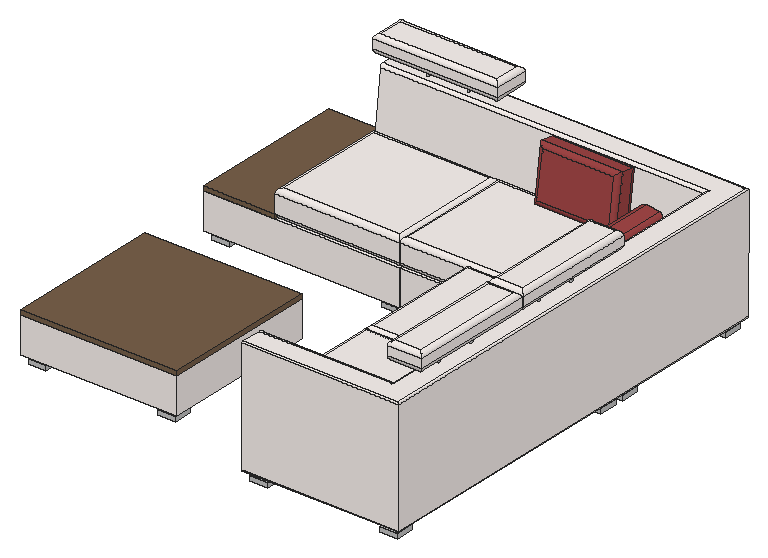
Revit family
Parameters
  frame trim = frame trim
  fabric = fabric
  Frame = frame
  FABRIC 2 = fabric 2
Reference planes (in)
  plane 1 "Center (Front/Back)": y = 0
  plane 2: z = 0
  plane 3 "Center (Left/Right)": x = 0
Forms (in)
  Extrusion 1, solid, material "frame trim"
    sketch origin (18.723354, 88.3159374, 0) x (1, 0, 0) y (0, 1, 0)
      loop
        line (-61.7915602, -42.4618781) -> (-57.7915602, -42.4618781) -> (-57.7915602, -38.4618781) -> (-61.7915602, -38.4618781) -> (-61.7915602, -42.4618781)
    from 0 to 1
  Extrusion 2, solid, material "frame trim"
    sketch origin (18.723354, 88.3159374, 0) x (1, 0, 0) y (0, 1, 0)
      loop
        line (-60.7915602, -41.4618781) -> (-58.7915602, -41.4618781) -> (-58.7915602, -39.4618781) -> (-60.7915602, -39.4618781) -> (-60.7915602, -41.4618781)
    from 1 to 2
  Extrusion 3, solid, material "frame trim"
    sketch origin (18.723354, 59.3159374, 0) x (1, 0, 0) y (0, 1, 0)
      loop
        line (-61.7915602, -42.4618781) -> (-57.7915602, -42.4618781) -> (-57.7915602, -38.4618781) -> (-61.7915602, -38.4618781) -> (-61.7915602, -42.4618781)
    from 0 to 1
  Extrusion 4, solid, material "frame trim"
    sketch origin (18.723354, 59.3159374, 0) x (1, 0, 0) y (0, 1, 0)
      loop
        line (-60.7915602, -41.4618781) -> (-58.7915602, -41.4618781) -> (-58.7915602, -39.4618781) -> (-60.7915602, -39.4618781) -> (-60.7915602, -41.4618781)
    from 1 to 2
  Extrusion 5, solid, material "frame trim"
    sketch origin (77.723354, -3.6840626, 0) x (1, 0, 0) y (0, 1, 0)
      loop
        line (-61.7915602, -42.4618781) -> (-57.7915602, -42.4618781) -> (-57.7915602, -38.4618781) -> (-61.7915602, -38.4618781) -> (-61.7915602, -42.4618781)
    from 0 to 1
  Extrusion 6, solid, material "frame trim"
    sketch origin (77.723354, -3.6840626, 0) x (1, 0, 0) y (0, 1, 0)
      loop
        line (-60.7915602, -41.4618781) -> (-58.7915602, -41.4618781) -> (-58.7915602, -39.4618781) -> (-60.7915602, -39.4618781) -> (-60.7915602, -41.4618781)
    from 1 to 2
  Extrusion 7, solid, material "frame trim"
    sketch origin (106.723354, 88.3159374, 0) x (1, 0, 0) y (0, 1, 0)
      loop
        line (-61.7915602, -42.4618781) -> (-57.7915602, -42.4618781) -> (-57.7915602, -38.4618781) -> (-61.7915602, -38.4618781) -> (-61.7915602, -42.4618781)
    from 0 to 1
  Extrusion 8, solid, material "frame trim"
    sketch origin (106.723354, 88.3159374, 0) x (1, 0, 0) y (0, 1, 0)
      loop
        line (-60.7915602, -41.4618781) -> (-58.7915602, -41.4618781) -> (-58.7915602, -39.4618781) -> (-60.7915602, -39.4618781) -> (-60.7915602, -41.4618781)
    from 1 to 2
  Extrusion 9, solid, material "frame trim"
    sketch origin (106.723354, -3.6840626, 0) x (1, 0, 0) y (0, 1, 0)
      loop
        line (-61.7915602, -42.4618781) -> (-57.7915602, -42.4618781) -> (-57.7915602, -38.4618781) -> (-61.7915602, -38.4618781) -> (-61.7915602, -42.4618781)
    from 0 to 1
  Extrusion 10, solid, material "frame trim"
    sketch origin (106.723354, -3.6840626, 0) x (1, 0, 0) y (0, 1, 0)
      loop
        line (-60.7915602, -41.4618781) -> (-58.7915602, -41.4618781) -> (-58.7915602, -39.4618781) -> (-60.7915602, -39.4618781) -> (-60.7915602, -41.4618781)
    from 1 to 2
  Extrusion 11, solid, material "frame trim"
    sketch origin (56.723354, 88.3159374, 0) x (1, 0, 0) y (0, 1, 0)
      loop
        line (-61.7915602, -42.4618781) -> (-57.7915602, -42.4618781) -> (-57.7915602, -38.4618781) -> (-61.7915602, -38.4618781) -> (-61.7915602, -42.4618781)
    from 0 to 1
  Extrusion 12, solid, material "frame trim"
    sketch origin (56.723354, 88.3159374, 0) x (1, 0, 0) y (0, 1, 0)
      loop
        line (-60.7915602, -41.4618781) -> (-58.7915602, -41.4618781) -> (-58.7915602, -39.4618781) -> (-60.7915602, -39.4618781) -> (-60.7915602, -41.4618781)
    from 1 to 2
  Extrusion 13, solid, material "frame trim"
    sketch origin (56.723354, 59.3159374, 0) x (1, 0, 0) y (0, 1, 0)
      loop
        line (-61.7915602, -42.4618781) -> (-57.7915602, -42.4618781) -> (-57.7915602, -38.4618781) -> (-61.7915602, -38.4618781) -> (-61.7915602, -42.4618781)
    from 0 to 1
  Extrusion 14, solid, material "frame trim"
    sketch origin (56.723354, 59.3159374, 0) x (1, 0, 0) y (0, 1, 0)
      loop
        line (-60.7915602, -41.4618781) -> (-58.7915602, -41.4618781) -> (-58.7915602, -39.4618781) -> (-60.7915602, -39.4618781) -> (-60.7915602, -41.4618781)
    from 1 to 2
  Extrusion 15, solid, material "frame trim"
    sketch origin (-56.8597664, 88.3159374, 0) x (-1, 0, 0) y (0, -1, 0)
      loop
        line (-61.7915602, 42.4618781) -> (-61.7915602, 38.4618781) -> (-57.7915602, 38.4618781) -> (-57.7915602, 42.4618781) -> (-61.7915602, 42.4618781)
    from 0 to 1
  Extrusion 16, solid, material "frame trim"
    sketch origin (-56.8597664, 88.3159374, 0) x (-1, 0, 0) y (0, -1, 0)
      loop
        line (-60.7915602, 41.4618781) -> (-60.7915602, 39.4618781) -> (-58.7915602, 39.4618781) -> (-58.7915602, 41.4618781) -> (-60.7915602, 41.4618781)
    from 1 to 2
  Extrusion 17, solid, material "frame trim"
    sketch origin (-56.8597664, 59.3159374, 0) x (-1, 0, 0) y (0, -1, 0)
      loop
        line (-61.7915602, 42.4618781) -> (-61.7915602, 38.4618781) -> (-57.7915602, 38.4618781) -> (-57.7915602, 42.4618781) -> (-61.7915602, 42.4618781)
    from 0 to 1
  Extrusion 18, solid, material "frame trim"
    sketch origin (-56.8597664, 59.3159374, 0) x (-1, 0, 0) y (0, -1, 0)
      loop
        line (-60.7915602, 41.4618781) -> (-60.7915602, 39.4618781) -> (-58.7915602, 39.4618781) -> (-58.7915602, 41.4618781) -> (-60.7915602, 41.4618781)
    from 1 to 2
  Extrusion 19, solid, material "frame trim"
    sketch origin (77.723354, -27.6078187, 0) x (1, 0, 0) y (0, 1, 0)
      loop
        line (-61.7915602, 42.4618781) -> (-61.7915602, 38.4618781) -> (-57.7915602, 38.4618781) -> (-57.7915602, 42.4618781) -> (-61.7915602, 42.4618781)
    from 0 to 1
  Extrusion 20, solid, material "frame trim"
    sketch origin (77.723354, -27.6078187, 0) x (1, 0, 0) y (0, 1, 0)
      loop
        line (-60.7915602, 41.4618781) -> (-60.7915602, 39.4618781) -> (-58.7915602, 39.4618781) -> (-58.7915602, 41.4618781) -> (-60.7915602, 41.4618781)
    from 1 to 2
  Extrusion 21, solid, material "frame trim"
    sketch origin (106.723354, -27.6078187, 0) x (1, 0, 0) y (0, 1, 0)
      loop
        line (-61.7915602, 42.4618781) -> (-61.7915602, 38.4618781) -> (-57.7915602, 38.4618781) -> (-57.7915602, 42.4618781) -> (-61.7915602, 42.4618781)
    from 0 to 1
  Extrusion 22, solid, material "frame trim"
    sketch origin (106.723354, -27.6078187, 0) x (1, 0, 0) y (0, 1, 0)
      loop
        line (-60.7915602, 41.4618781) -> (-60.7915602, 39.4618781) -> (-58.7915602, 39.4618781) -> (-58.7915602, 41.4618781) -> (-60.7915602, 41.4618781)
    from 1 to 2
  Extrusion 23, solid, material "frame trim"
    sketch origin (106.723354, 59.3159374, 0) x (1, 0, 0) y (0, 1, 0)
      loop
        line (-61.7915602, -42.4618781) -> (-57.7915602, -42.4618781) -> (-57.7915602, -38.4618781) -> (-61.7915602, -38.4618781) -> (-61.7915602, -42.4618781)
    from 0 to 1
  Extrusion 24, solid, material "frame trim"
    sketch origin (106.723354, 59.3159374, 0) x (1, 0, 0) y (0, 1, 0)
      loop
        line (-60.7915602, -41.4618781) -> (-58.7915602, -41.4618781) -> (-58.7915602, -39.4618781) -> (-60.7915602, -39.4618781) -> (-60.7915602, -41.4618781)
    from 1 to 2
  Extrusion 25, solid, material "fabric"
    sketch origin (11.9760305, 90.2379972, 0) x (1, 0, 0) y (0, 1, 0)
      loop
        line (-56.0442367, -39.3839378) -> (-56.0442367, -74.3839378) -> (-12.0442367, -74.3839378) -> (-12.0442367, -47.8026288) -> (-40.0442367, -47.8026288) -> (-40.0442367, -39.3839378) -> (-56.0442367, -39.3839378)
    from 2 to 10
  Extrusion 26, solid, material "fabric"
    sketch origin (11.9760305, 90.2379972, 0) x (1, 0, 0) y (0, 1, 0)
      loop
        line (-12.0442367, -47.8026288) -> (-12.0442367, -74.3839378) -> (29.5370723, -74.3839378) -> (29.5370723, -47.8026288) -> (-12.0442367, -47.8026288)
    from 2 to 10
  Extrusion 27, solid, material "frame"
    sketch origin (11.9760305, 90.2379972, 0) x (1, 0, 0) y (0, 1, 0)
      loop
        line (-56.0442367, -39.3839378) -> (-56.0442367, -74.3839378) -> (-40.0442367, -74.3839378) -> (-40.0442367, -39.3839378) -> (-56.0442367, -39.3839378)
    from 10 to 11
  Sweep 28, solid, material "fabric"
    path in 3D
      loop
        line (-28.0682062, 50.8540594, 2) -> (49.9317938, 50.8540594, 2) -> (49.9317938, -47.1459406, 2) -> (14.9317938, -47.1459406, 2)
    profile origin (10.9317938, 50.8540594, 2) x (0, -1, 0) y (0, 0, -1)
      loop
        line (0, -0.25) -> (0, -25.75)
        arc (0, -25.75) -> (0.0732233, -25.9267767) -> (0.25, -26) r 0.25
        line (0.25, -26) -> (4.8072193, -26)
        arc (4.8072193, -26) -> (5.2817628, -25.8307826) -> (5.5421703, -25.3994891) r 0.75
        arc (5.5421703, -25.3994891) -> (7.5310594, -12.7631686) -> (8.3876813, 0) r 143.6189165
        line (8.3876813, 0) -> (0.25, 0)
        arc (0.25, 0) -> (0.0732233, -0.0732233) -> (0, -0.25) r 0.25
  Extrusion 29, solid, material "fabric"
    sketch origin (11.9760305, 90.2379972, 0) x (1, 0, 0) y (0, 1, 0)
      loop
        line (2.9557633, -128.9652469) -> (29.5370723, -128.9652469) -> (29.5370723, -74.3839378) -> (2.9557633, -74.3839378) -> (2.9557633, -128.9652469)
    from 2 to 10
  Extrusion 30, solid, material "fabric"
    sketch origin (11.9760305, 90.2379972, 0) x (1, 0, 0) y (0, 1, 0)
      loop
        line (-40.0442367, -46.9984305) -> (-40.0442367, -74.3839378) -> (-12.0442367, -74.3839378) -> (-12.0442367, -46.9984305) -> (-40.0442367, -46.9984305)
    from 10 to 16
  Extrusion 31, solid, material "fabric"
    sketch origin (11.9760305, 90.2379972, 0) x (1, 0, 0) y (0, 1, 0)
      loop
        line (-12.0442367, -46.9984305) -> (-12.0442367, -74.3839378) -> (30.3412707, -74.3839378) -> (30.3412707, -46.9984305) -> (-12.0442367, -46.9984305)
    from 10 to 16
  Extrusion 32, solid, material "fabric"
    sketch origin (89.3157316, -24.1901773, 0) x (0, -1, 0) y (1, 0, 0)
      loop
        line (-40.0442367, -46.9984305) -> (-40.0442367, -74.3839378) -> (-11.5442367, -74.3839378) -> (-11.5442367, -46.9984305) -> (-40.0442367, -46.9984305)
    from 10 to 16
  Extrusion 33, solid, material "fabric"
    sketch origin (89.3157316, -53.1901773, 0) x (0, -1, 0) y (1, 0, 0)
      loop
        line (-40.5442367, -46.9984305) -> (-40.5442367, -74.3839378) -> (-13.7255714, -74.3839378) -> (-13.7255714, -46.9984305) -> (-40.5442367, -46.9984305)
    from 10 to 16
  Sweep 34, void
    path in 3D
      loop
        line (-28.0682062, 15.8540594, 16) -> (-0.0682062, 15.8540594, 16) -> (-0.0682062, 43.2395668, 16) -> (-28.0682062, 43.2395668, 16) -> (-28.0682062, 15.8540594, 16)
    profile origin (-28.0682062, 29.5468131, 16) x (1, 0, 0) y (0, 0, 1)
      loop
        line (0, 0) -> (0, -1)
        arc (0, -1) -> (0.2928932, -0.2928932) -> (1, 0) r 1
        line (1, 0) -> (0, 0)
      loop
        line (0, -6) -> (1, -6)
        arc (1, -6) -> (0.2928932, -5.7071068) -> (0, -5) r 1
        line (0, -5) -> (0, -6)
  Sweep 35, void
    path in 3D
      loop
        line (-0.0682062, 15.8540594, 16) -> (42.3173012, 15.8540594, 16) -> (42.3173012, 43.2395668, 16) -> (-0.0682062, 43.2395668, 16) -> (-0.0682062, 15.8540594, 16)
    profile origin (-0.0682062, 29.5468131, 16) x (1, 0, 0) y (0, 0, 1)
      loop
        line (0, 0) -> (0, -1)
        arc (0, -1) -> (0.2928932, -0.2928932) -> (1, 0) r 1
        line (1, 0) -> (0, 0)
      loop
        line (0, -6) -> (1, -6)
        arc (1, -6) -> (0.2928932, -5.7071068) -> (0, -5) r 1
        line (0, -5) -> (0, -6)
  Sweep 36, void
    path in 3D
      loop
        line (14.9317938, 15.8540594, 16) -> (14.9317938, -12.6459406, 16) -> (42.3173012, -12.6459406, 16) -> (42.3173012, 15.8540594, 16) -> (14.9317938, 15.8540594, 16)
    profile origin (28.6245475, 15.8540594, 16) x (0, -1, 0) y (0, 0, 1)
      loop
        line (0, 0) -> (0, -1)
        arc (0, -1) -> (0.2928932, -0.2928932) -> (1, 0) r 1
        line (1, 0) -> (0, 0)
      loop
        line (0, -6) -> (1, -6)
        arc (1, -6) -> (0.2928932, -5.7071068) -> (0, -5) r 1
        line (0, -5) -> (0, -6)
  Sweep 37, void
    path in 3D
      loop
        line (14.9317938, -12.6459406, 16) -> (14.9317938, -39.4646059, 16) -> (42.3173012, -39.4646059, 16) -> (42.3173012, -12.6459406, 16) -> (14.9317938, -12.6459406, 16)
    profile origin (28.6245475, -12.6459406, 16) x (0, -1, 0) y (0, 0, 1)
      loop
        line (0, 0) -> (0, -1)
        arc (0, -1) -> (0.2928932, -0.2928932) -> (1, 0) r 1
        line (1, 0) -> (0, 0)
      loop
        line (0, -6) -> (1, -6)
        arc (1, -6) -> (0.2928932, -5.7071068) -> (0, -5) r 1
        line (0, -5) -> (0, -6)
  Extrusion 38, solid, material "frame trim"
    sketch origin (-16.6755128, 5.9774721, 28) x (1, 0, 0) y (0, 1, 0)
      loop
        circle (-2.3357435, 41.53372) r 0.25
      loop
        circle (6.6642565, 41.53372) r 0.25
      loop
        circle (62.8820281, -0.1490646) r 0.25
      loop
        circle (62.8820281, -9.1490646) r 0.25
      loop
        circle (62.8820281, -28.1490646) r 0.25
      loop
        circle (62.8820281, -37.1490646) r 0.25
    from 0 to 3
  Extrusion 39, solid, material "fabric"
    sketch origin (0, 0, 0) x (1, 0, 0) y (0, 1, 0)
      loop
        line (-28.0682062, 50.8540594) -> (-28.0682062, 43.2395668) -> (-0.0682062, 43.2395668) -> (-0.0682062, 50.8540594) -> (-28.0682062, 50.8540594)
    from 31 to 35
  Extrusion 40, solid, material "fabric"
    sketch origin (-0.9222656, -12.2141468, 0) x (0, -1, 0) y (1, 0, 0)
      loop
        line (-28.0682062, 50.8540594) -> (-28.0682062, 43.2395668) -> (-0.0682062, 43.2395668) -> (-0.0682062, 50.8540594) -> (-28.0682062, 50.8540594)
    from 31 to 35
  Extrusion 41, solid, material "fabric"
    sketch origin (-0.9222656, -40.7141468, 0) x (0, -1, 0) y (1, 0, 0)
      loop
        line (-28.0682062, 50.8540594) -> (-28.0682062, 43.2395668) -> (-0.0682062, 43.2395668) -> (-0.0682062, 50.8540594) -> (-28.0682062, 50.8540594)
    from 31 to 35
  Sweep 42, void
    path in 3D
      loop
        line (-28.0682062, 43.2395668, 35) -> (-0.0682062, 43.2395668, 35) -> (-0.0682062, 50.8540594, 35) -> (-28.0682062, 50.8540594, 35) -> (-28.0682062, 43.2395668, 35)
    profile origin (-28.0682062, 47.0468131, 35) x (1, 0, 0) y (0, 0, 1)
      loop
        line (0, 0) -> (0, -1)
        arc (0, -1) -> (0.2928932, -0.2928932) -> (1, 0) r 1
        line (1, 0) -> (0, 0)
      loop
        line (0, -4) -> (1, -4)
        arc (1, -4) -> (0.2928932, -3.7071068) -> (0, -3) r 1
        line (0, -3) -> (0, -4)
  Sweep 43, void
    path in 3D
      loop
        line (42.3173012, 15.8540594, 35) -> (42.3173012, -12.1459406, 35) -> (49.9317938, -12.1459406, 35) -> (49.9317938, 15.8540594, 35) -> (42.3173012, 15.8540594, 35)
    profile origin (46.1245475, 15.8540594, 35) x (0, -1, 0) y (0, 0, 1)
      loop
        line (0, 0) -> (0, -1)
        arc (0, -1) -> (0.2928932, -0.2928932) -> (1, 0) r 1
        line (1, 0) -> (0, 0)
      loop
        line (0, -4) -> (1, -4)
        arc (1, -4) -> (0.2928932, -3.7071068) -> (0, -3) r 1
        line (0, -3) -> (0, -4)
  Sweep 44, void
    path in 3D
      loop
        line (42.3173012, -12.6459406, 35) -> (42.3173012, -40.6459406, 35) -> (49.9317938, -40.6459406, 35) -> (49.9317938, -12.6459406, 35) -> (42.3173012, -12.6459406, 35)
    profile origin (46.1245475, -12.6459406, 35) x (0, -1, 0) y (0, 0, 1)
      loop
        line (0, 0) -> (0, -1)
        arc (0, -1) -> (0.2928932, -0.2928932) -> (1, 0) r 1
        line (1, 0) -> (0, 0)
      loop
        line (0, -4) -> (1, -4)
        arc (1, -4) -> (0.2928932, -3.7071068) -> (0, -3) r 1
        line (0, -3) -> (0, -4)
  Extrusion 45, solid, material "fabric"
    sketch origin (14.5642209, 35.578739, 0) x (1, 0, 0) y (0, 1, 0)
      loop
        line (-56.0442367, -39.3839378) -> (-56.0442367, -74.3839378) -> (-21.0442367, -74.3839378) -> (-21.0442367, -39.3839378) -> (-56.0442367, -39.3839378)
    from 2 to 10
  Extrusion 46, solid, material "frame"
    sketch origin (14.5642209, 35.578739, 0) x (1, 0, 0) y (0, 1, 0)
      loop
        line (-56.0442367, -39.3839378) -> (-56.0442367, -74.3839378) -> (-21.0442367, -74.3839378) -> (-21.0442367, -39.3839378) -> (-56.0442367, -39.3839378)
    from 10 to 11
  Extrusion 47, solid, material "frame trim"
    sketch origin (21.3115444, 33.6566792, 0) x (1, 0, 0) y (0, 1, 0)
      loop
        line (-61.7915602, -42.4618781) -> (-57.7915602, -42.4618781) -> (-57.7915602, -38.4618781) -> (-61.7915602, -38.4618781) -> (-61.7915602, -42.4618781)
    from 0 to 1
  Extrusion 48, solid, material "frame trim"
    sketch origin (21.3115444, 33.6566792, 0) x (1, 0, 0) y (0, 1, 0)
      loop
        line (-60.7915602, -41.4618781) -> (-58.7915602, -41.4618781) -> (-58.7915602, -39.4618781) -> (-60.7915602, -39.4618781) -> (-60.7915602, -41.4618781)
    from 1 to 2
  Extrusion 49, solid, material "frame trim"
    sketch origin (21.3115444, 4.6566792, 0) x (1, 0, 0) y (0, 1, 0)
      loop
        line (-61.7915602, -42.4618781) -> (-57.7915602, -42.4618781) -> (-57.7915602, -38.4618781) -> (-61.7915602, -38.4618781) -> (-61.7915602, -42.4618781)
    from 0 to 1
  Extrusion 50, solid, material "frame trim"
    sketch origin (21.3115444, 4.6566792, 0) x (1, 0, 0) y (0, 1, 0)
      loop
        line (-60.7915602, -41.4618781) -> (-58.7915602, -41.4618781) -> (-58.7915602, -39.4618781) -> (-60.7915602, -39.4618781) -> (-60.7915602, -41.4618781)
    from 1 to 2
  Extrusion 51, solid, material "frame trim"
    sketch origin (-69.271576, 33.6566792, 0) x (-1, 0, 0) y (0, -1, 0)
      loop
        line (-61.7915602, 42.4618781) -> (-61.7915602, 38.4618781) -> (-57.7915602, 38.4618781) -> (-57.7915602, 42.4618781) -> (-61.7915602, 42.4618781)
    from 0 to 1
  Extrusion 52, solid, material "frame trim"
    sketch origin (-69.271576, 33.6566792, 0) x (-1, 0, 0) y (0, -1, 0)
      loop
        line (-60.7915602, 41.4618781) -> (-60.7915602, 39.4618781) -> (-58.7915602, 39.4618781) -> (-58.7915602, 41.4618781) -> (-60.7915602, 41.4618781)
    from 1 to 2
  Extrusion 53, solid, material "frame trim"
    sketch origin (-69.271576, 4.6566792, 0) x (-1, 0, 0) y (0, -1, 0)
      loop
        line (-61.7915602, 42.4618781) -> (-61.7915602, 38.4618781) -> (-57.7915602, 38.4618781) -> (-57.7915602, 42.4618781) -> (-61.7915602, 42.4618781)
    from 0 to 1
  Extrusion 54, solid, material "frame trim"
    sketch origin (-69.271576, 4.6566792, 0) x (-1, 0, 0) y (0, -1, 0)
      loop
        line (-60.7915602, 41.4618781) -> (-60.7915602, 39.4618781) -> (-58.7915602, 39.4618781) -> (-58.7915602, 41.4618781) -> (-60.7915602, 41.4618781)
    from 1 to 2
  Sweep 55, solid, material "fabric 2"
    path in 3D
      loop
        line (29.7224483, 42.4353684, 10) -> (11.7224483, 42.4353684, 10)
    profile origin (20.7224483, 42.4353684, 10) x (0, -1, 0) y (0, 0, 1)
      loop
        line (-0.5184929, 6.2365739) -> (4.4199488, 7.0187462) -> (2.5427352, 18.8710063) -> (-2.3957065, 18.088834) -> (-0.5184929, 6.2365739)
  Sweep 56, void
    path in 3D
      loop
        line (11.7224483, 39.8926332, 28.8710063) -> (11.7224483, 38.0154196, 17.0187462) -> (29.7224483, 38.0154196, 17.0187462) -> (29.7224483, 39.8926332, 28.8710063) -> (11.7224483, 39.8926332, 28.8710063)
    profile origin (20.7224483, 39.8926332, 28.8710063) x (0, -0.156434, -0.987688) y (0, -0.987688, 0.156434)
      loop
        line (0, 0) -> (0, -1)
        arc (0, -1) -> (0.2928932, -0.2928932) -> (1, 0) r 1
        line (1, 0) -> (0, 0)
      loop
        line (0, -5) -> (1, -5)
        arc (1, -5) -> (0.2928932, -4.7071068) -> (0, -4) r 1
        line (0, -4) -> (0, -5)
  Sweep 57, solid, material "fabric 2"
    path in 3D
      loop
        line (41.7212722, 16.5895959, 9.7815088) -> (41.7212722, 34.5895959, 9.7815088)
    profile origin (41.7212722, 25.5895959, 9.7815088) x (-1, 0, 0) y (0, 0, 1)
      loop
        line (-0.5184929, 6.2365739) -> (4.4199488, 7.0187462) -> (2.5427352, 18.8710063) -> (-2.3957065, 18.088834) -> (-0.5184929, 6.2365739)
  Sweep 58, void
    path in 3D
      loop
        line (39.178537, 34.5895959, 28.6525151) -> (37.3013234, 34.5895959, 16.800255) -> (37.3013234, 16.5895959, 16.800255) -> (39.178537, 16.5895959, 28.6525151) -> (39.178537, 34.5895959, 28.6525151)
    profile origin (39.178537, 25.5895959, 28.6525151) x (-0.156434, 0, -0.987688) y (-0.987688, 0, 0.156434)
      loop
        line (0, 0) -> (0, -1)
        arc (0, -1) -> (0.2928932, -0.2928932) -> (1, 0) r 1
        line (1, 0) -> (0, 0)
      loop
        line (0, -5) -> (1, -5)
        arc (1, -5) -> (0.2928932, -4.7071068) -> (0, -4) r 1
        line (0, -4) -> (0, -5)
Cuts and joins
  Sweep 34 cuts Extrusion 27
  Sweep 36, Sweep 37 cuts Extrusion 33
  joined: Extrusion 1, Extrusion 2, Extrusion 3, Extrusion 4, Extrusion 5, Extrusion 6, Extrusion 7, Extrusion 8, Extrusion 9, Extrusion 10, Extrusion 11, Extrusion 12, Extrusion 13, Extrusion 14, Extrusion 15, Extrusion 16, Extrusion 17, Extrusion 18, Extrusion 19, Extrusion 20, Extrusion 21, Extrusion 22, Extrusion 23, Extrusion 24
  Sweep 42, Sweep 43, Sweep 44, Sweep 56, Sweep 58 cuts Extrusion 38
  Sweep 42 cuts Extrusion 39
  Sweep 43 cuts Extrusion 40
  Sweep 44 cuts Extrusion 41
  Sweep 34, Sweep 35 cuts Extrusion 30
  Sweep 34, Sweep 35, Sweep 36 cuts Extrusion 31
  Sweep 35, Sweep 36, Sweep 37 cuts Extrusion 32
  Sweep 56, Sweep 58 cuts Sweep 28
  Sweep 56 cuts Sweep 55
  Sweep 58 cuts Sweep 57
  joined: Extrusion 47, Extrusion 48, Extrusion 49, Extrusion 50, Extrusion 51, Extrusion 52, Extrusion 53, Extrusion 54
Lines and regions (in)
  sketch lines
    curve 1: line (-60, 60, 0) -> (60, 60, 0)
    curve 2: line (-60, 60, 0) -> (-60, -60, 0)
    curve 3: line (-60, -60, 0) -> (60, -60, 0)
    curve 4: line (60, 60, 0) -> (60, -60, 0)
    curve 6: line (-28.0682062, 50.8540594, 2) -> (49.9317938, 50.8540594, 2)
    curve 7: line (49.9317938, 50.8540594, 2) -> (49.9317938, -47.1459406, 2)
    curve 8: line (49.9317938, -47.1459406, 2) -> (14.9317938, -47.1459406, 2)
    curve 9: line (-28.0682062, 43.2395668, 16) -> (-28.0682062, 15.8540594, 16)
    curve 10: line (-0.0682062, 43.2395668, 16) -> (-28.0682062, 43.2395668, 16)
    curve 11: line (-0.0682062, 43.2395668, 16) -> (-0.0682062, 15.8540594, 16)
    curve 12: line (-28.0682062, 15.8540594, 16) -> (-0.0682062, 15.8540594, 16)
    curve 13: line (-0.0682062, 43.2395668, 16) -> (-0.0682062, 15.8540594, 16)
    curve 14: line (42.3173012, 43.2395668, 16) -> (-0.0682062, 43.2395668, 16)
    curve 15: line (-0.0682062, 15.8540594, 16) -> (42.3173012, 15.8540594, 16)
    curve 16: line (42.3173012, 15.8540594, 16) -> (42.3173012, 43.2395668, 16)
    curve 17: line (42.3173012, 15.8540594, 16) -> (14.9317938, 15.8540594, 16)
    curve 18: line (42.3173012, -12.6459406, 16) -> (42.3173012, 15.8540594, 16)
    curve 19: line (42.3173012, -12.6459406, 16) -> (14.9317938, -12.6459406, 16)
    curve 20: line (14.9317938, 15.8540594, 16) -> (14.9317938, -12.6459406, 16)
    curve 21: line (42.3173012, -12.6459406, 16) -> (14.9317938, -12.6459406, 16)
    curve 22: line (42.3173012, -39.4646059, 16) -> (42.3173012, -12.6459406, 16)
    curve 23: line (14.9317938, -39.4646059, 16) -> (42.3173012, -39.4646059, 16)
    curve 24: line (14.9317938, -12.6459406, 16) -> (14.9317938, -39.4646059, 16)
    curve 25: line (-28.0682062, 50.8540594, 35) -> (-28.0682062, 43.2395668, 35)
    curve 26: line (-0.0682062, 50.8540594, 35) -> (-28.0682062, 50.8540594, 35)
    curve 27: line (-0.0682062, 43.2395668, 35) -> (-0.0682062, 50.8540594, 35)
    curve 28: line (-28.0682062, 43.2395668, 35) -> (-0.0682062, 43.2395668, 35)
    curve 29: line (49.9317938, 15.8540594, 35) -> (42.3173012, 15.8540594, 35)
    curve 30: line (49.9317938, -12.1459406, 35) -> (49.9317938, 15.8540594, 35)
    curve 31: line (42.3173012, 15.8540594, 35) -> (42.3173012, -12.1459406, 35)
    curve 32: line (42.3173012, -12.1459406, 35) -> (49.9317938, -12.1459406, 35)
    curve 33: line (49.9317938, -12.6459406, 35) -> (42.3173012, -12.6459406, 35)
    curve 34: line (49.9317938, -40.6459406, 35) -> (49.9317938, -12.6459406, 35)
    curve 35: line (42.3173012, -40.6459406, 35) -> (49.9317938, -40.6459406, 35)
    curve 36: line (42.3173012, -12.6459406, 35) -> (42.3173012, -40.6459406, 35)
    curve 37: line (29.7224483, 42.4353684, 10) -> (11.7224483, 42.4353684, 10)
    curve 38: line (29.7224483, 39.8926332, 28.8710063) -> (11.7224483, 39.8926332, 28.8710063)
    curve 39: line (11.7224483, 38.0154196, 17.0187462) -> (11.7224483, 39.8926332, 28.8710063)
    curve 40: line (29.7224483, 38.0154196, 17.0187462) -> (11.7224483, 38.0154196, 17.0187462)
    curve 41: line (29.7224483, 39.8926332, 28.8710063) -> (29.7224483, 38.0154196, 17.0187462)
    curve 42: line (41.7212722, 16.5895959, 9.7815088) -> (41.7212722, 34.5895959, 9.7815088)
    curve 43: line (39.178537, 16.5895959, 28.6525151) -> (39.178537, 34.5895959, 28.6525151)
    curve 44: line (39.178537, 16.5895959, 28.6525151) -> (37.3013234, 16.5895959, 16.800255)
    curve 45: line (37.3013234, 16.5895959, 16.800255) -> (37.3013234, 34.5895959, 16.800255)
    curve 46: line (37.3013234, 34.5895959, 16.800255) -> (39.178537, 34.5895959, 28.6525151)
  model lines
    curve 5: line (-0.0682062, 15.8540594, 0) -> (-0.0682062, 50.8540594, 0)
Dimensions and locks (in)
  equal spacing: curve 3, plane 1 "Center (Front/Back)", curve 1
  equal spacing: curve 4, plane 3 "Center (Left/Right)", curve 2
  curve 3 to curve 1 = 10' - 0"
  curve 2 to curve 4 = 10' - 0"
